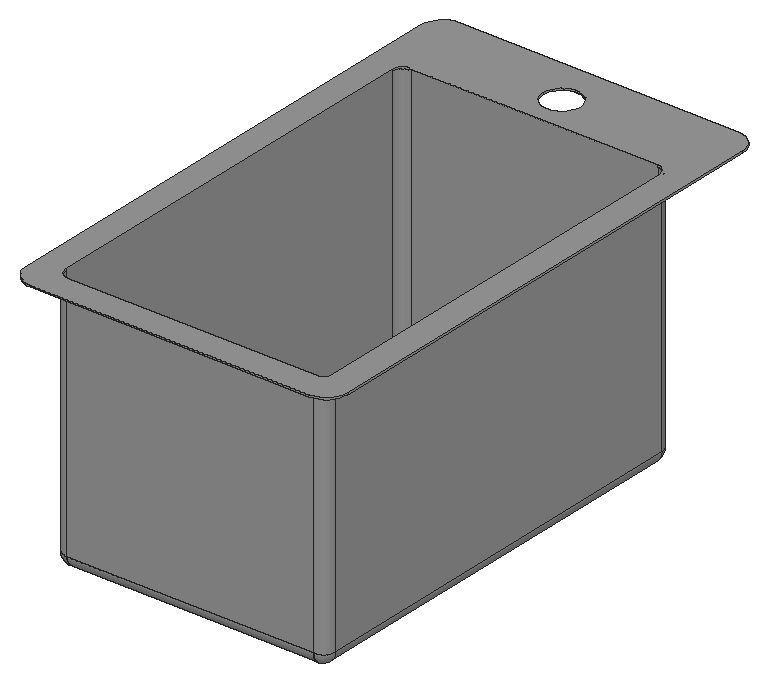
Revit family "BUILDMAT-TLAN021-Harper-300-Tap-Landing-Stainless Steel", category Plumbing Fixtures, host Face, Revit 2020
Family settings
  Host = Face
  Round Connector Dimension = Use Diameter
  Part Type = Normal
  Cut with Voids When Loaded = No
  Shared = No
  Room Calculation Point = No
Parameters (values of type "Harper 300x500x250mm")
  Width = 250.0 mm
  Undermount [instance] = 0.0 mm
  URL = "https://www.buildmat.com.au/products/harper-300-single-bowl-tap-landing-sink"
  Model = "TLAN021"  # constant formula
  Manufacturer URL = "https://www.buildmat.com.au/"
  Manufacturer = "BUILDMAT"  # constant formula
  Length = 400.0 mm
  Description = "BUILDMAT - Harper 300x500 Single Bowl with Tap Landing Sink"  # constant formula
  Depth = 250.0 mm
  Default Elevation = 1219.2 mm
  Created By URL = "https://www.buildmat.com.au/"
  Created By = "BUILDMAT"  # constant formula
  Created = "22.06.2022"  # constant formula
  Material = BUILDMAT Stainless Steel
Reference planes
  plane 1 "Center (Front/Back)": y = 0
  plane 2: z = 0
  plane 3 "Center (Left/Right)": x = 0
  plane 4 "Top Substrate": z = 0
  plane 5 "Left": x = -125
  plane 6 "Right": x = 125
  plane 7 "Back": y = 200
  plane 8 "Front": y = -200
  plane 9: x = -150
  plane 10: x = 150
  plane 11: y = -225
  plane 12: y = 275
  plane 13 "Bottom Void": z = -250
  plane 14: z = 1.5
  plane 15: x = -126.5
  plane 16: y = -201.5
  plane 17: x = 126.5
  plane 18: y = 201.5
  plane 19: z = -240
  plane 20: z = -230
  plane 21: x = -115
  plane 22: x = 115
  plane 23: y = -190
  plane 24: y = 190
  plane 25: z = -245
  plane 26: z = -241.5
  plane 27: z = -246.5
  plane 28: x = -100
  plane 29: x = 100
  plane 30 "Sound Pad": z = -130
  plane 31 "Front Bracket": y = -100
  plane 32 "Back Bracket": y = 100
  plane 33: x = -25
  plane 34: x = 25
  plane 35: x = -57
  plane 36: x = 57
  plane 37: x = -45
  plane 38: x = 45
  plane 39: y = 232
  plane 40: y = 251.5
  plane 41: x = -138.2
  plane 42: z = -15
  plane 43: x = 138.2
  plane 44: x = -136.7
  plane 45: x = 136.7
Forms (mm)
  Extrusion 1, void
    sketch origin (0, 0, 0) x (1, 0, 0) y (0, 1, 0)
      loop
        arc (-115, 200) -> (-122.071, 197.071) -> (-125, 190) r 10
        line (-125, 190) -> (-125, -190)
        arc (-125, -190) -> (-122.071, -197.071) -> (-115, -200) r 10
        line (-115, -200) -> (115, -200)
        arc (115, -200) -> (122.071, -197.071) -> (125, -190) r 10
        line (125, -190) -> (125, 190)
        arc (125, 190) -> (122.071, 197.071) -> (115, 200) r 10
        line (115, 200) -> (-115, 200)
    from 0 to 1.5
  Extrusion 2, void
    sketch origin (0, 0, 0) x (1, 0, 0) y (0, 1, 0)
      loop
        line (-126.5, 201.5) -> (-126.5, -201.5) -> (126.5, -201.5) -> (126.5, 201.5) -> (-126.5, 201.5)
    from 0 to -250
  Extrusion 3, void
    sketch origin (0, 0, 0) x (1, 0, 0) y (0, 1, 0)
      loop
        arc (-130, 275) -> (-144.142, 269.142) -> (-150, 255) r 20
        line (-150, 255) -> (-150, -205)
        arc (-150, -205) -> (-144.142, -219.142) -> (-130, -225) r 20
        line (-130, -225) -> (130, -225)
        arc (130, -225) -> (144.142, -219.142) -> (150, -205) r 20
        line (150, -205) -> (150, 255)
        arc (150, 255) -> (144.142, 269.142) -> (130, 275) r 20
        line (130, 275) -> (-130, 275)
    from 1.5 to 0
  Extrusion 4, solid, material "BUILDMAT Stainless Steel" <- "Material"
    sketch origin (0, 0, 0) x (-1, 0, 0) y (0, -1, 0)
      loop
        arc (130, -275) -> (144.142, -269.142) -> (150, -255) r 20
        line (150, -255) -> (150, 205)
        arc (150, 205) -> (144.142, 219.142) -> (130, 225) r 20
        line (130, 225) -> (-130, 225)
        arc (-130, 225) -> (-144.142, 219.142) -> (-150, 205) r 20
        line (-150, 205) -> (-150, -255)
        arc (-150, -255) -> (-144.142, -269.142) -> (-130, -275) r 20
        line (-130, -275) -> (130, -275)
      loop
        arc (115, -200) -> (122.071, -197.071) -> (125, -190) r 10
        line (125, -190) -> (125, 190)
        arc (125, 190) -> (122.071, 197.071) -> (115, 200) r 10
        line (115, 200) -> (-115, 200)
        arc (-115, 200) -> (-122.071, 197.071) -> (-125, 190) r 10
        line (-125, 190) -> (-125, -190)
        arc (-125, -190) -> (-122.071, -197.071) -> (-115, -200) r 10
        line (-115, -200) -> (115, -200)
    from 0 to 1.5
  Extrusion 5, solid, material "BUILDMAT Stainless Steel" <- "Material"
    sketch origin (0, 0, 0) x (-1, 0, 0) y (0, -1, 0)
      loop
        arc (115, -201.5) -> (123.132, -198.132) -> (126.5, -190) r 11.5
        line (126.5, -190) -> (126.5, 190)
        arc (126.5, 190) -> (123.132, 198.132) -> (115, 201.5) r 11.5
        line (115, 201.5) -> (-115, 201.5)
        arc (-115, 201.5) -> (-123.132, 198.132) -> (-126.5, 190) r 11.5
        line (-126.5, 190) -> (-126.5, -190)
        arc (-126.5, -190) -> (-123.132, -198.132) -> (-115, -201.5) r 11.5
        line (-115, -201.5) -> (115, -201.5)
      loop
        arc (-115, 200) -> (-122.071, 197.071) -> (-125, 190) r 10
        line (-125, 190) -> (-125, -190)
        arc (-125, -190) -> (-122.071, -197.071) -> (-115, -200) r 10
        line (-115, -200) -> (115, -200)
        arc (115, -200) -> (122.071, -197.071) -> (125, -190) r 10
        line (125, -190) -> (125, 190)
        arc (125, 190) -> (122.071, 197.071) -> (115, 200) r 10
        line (115, 200) -> (-115, 200)
    from 0 to -230
  Revolve 6, solid, material "BUILDMAT Stainless Steel" <- "Material"
    sketch origin (-175.162, 190, 1219.2) x (-1, 0, 0) y (0, 0, 1)
      loop
        line (-300.162, -1449.2) -> (-301.662, -1449.2)
        arc (-301.662, -1449.2) -> (-298.293, -1457.332) -> (-290.162, -1460.7) r 11.5
        line (-290.162, -1460.7) -> (-290.162, -1459.2)
        arc (-290.162, -1459.2) -> (-297.233, -1456.271) -> (-300.162, -1449.2) r 10
      axis (-290.162, -1460.7) -> (-290.162, -1449.2)
    angle from 0 to -90
  Revolve 7, solid, material "BUILDMAT Stainless Steel" <- "Material"
    sketch origin (-175.162, 190, 1219.2) x (-1, 0, 0) y (0, 0, 1)
      loop
        arc (-50.162, -1449.2) -> (-53.091, -1456.271) -> (-60.162, -1459.2) r 10
        line (-60.162, -1459.2) -> (-60.162, -1460.7)
        arc (-60.162, -1460.7) -> (-52.03, -1457.332) -> (-48.662, -1449.2) r 11.5
        line (-48.662, -1449.2) -> (-50.162, -1449.2)
      axis (-60.162, -1449.2) -> (-60.162, -1460.7)
    angle from 0 to -90
  Revolve 8, solid, material "BUILDMAT Stainless Steel" <- "Material"
    sketch origin (-175.162, -190, 1219.2) x (-1, 0, 0) y (0, 0, 1)
      loop
        arc (-50.162, -1449.2) -> (-53.091, -1456.271) -> (-60.162, -1459.2) r 10
        line (-60.162, -1459.2) -> (-60.162, -1460.7)
        arc (-60.162, -1460.7) -> (-52.03, -1457.332) -> (-48.662, -1449.2) r 11.5
        line (-48.662, -1449.2) -> (-50.162, -1449.2)
      axis (-60.162, -1449.2) -> (-60.162, -1460.7)
    angle from 0 to 90
  Revolve 9, solid, material "BUILDMAT Stainless Steel" <- "Material"
    sketch origin (-175.162, -190, 1219.2) x (-1, 0, 0) y (0, 0, 1)
      loop
        line (-300.162, -1449.2) -> (-301.662, -1449.2)
        arc (-301.662, -1449.2) -> (-298.293, -1457.332) -> (-290.162, -1460.7) r 11.5
        line (-290.162, -1460.7) -> (-290.162, -1459.2)
        arc (-290.162, -1459.2) -> (-297.233, -1456.271) -> (-300.162, -1449.2) r 10
      axis (-290.162, -1449.2) -> (-290.162, -1460.7)
    angle from 0 to 90
  Extrusion 10, solid, material "BUILDMAT Stainless Steel" <- "Material"
    sketch origin (0, 0, 0) x (1, 0, 0) y (0, 0, 1)
      loop
        line (-125, -230) -> (-126.5, -230)
        arc (-126.5, -230) -> (-123.132, -238.132) -> (-115, -241.5) r 11.5
        line (-115, -241.5) -> (-115, -240)
        arc (-115, -240) -> (-122.071, -237.071) -> (-125, -230) r 10
    from -190 to 190
  Extrusion 11, solid, material "BUILDMAT Stainless Steel" <- "Material"
    sketch origin (0, 0, 0) x (1, 0, 0) y (0, 0, 1)
      loop
        arc (125, -230) -> (122.071, -237.071) -> (115, -240) r 10
        line (115, -240) -> (115, -241.5)
        arc (115, -241.5) -> (123.132, -238.132) -> (126.5, -230) r 11.5
        line (126.5, -230) -> (125, -230)
    from -190 to 190
  Extrusion 12, solid, material "BUILDMAT Stainless Steel" <- "Material"
    sketch origin (0, 0, 0) x (0, 1, 0) y (0, 0, 1)
      loop
        arc (200, -230) -> (197.071, -237.071) -> (190, -240) r 10
        line (190, -240) -> (190, -241.5)
        arc (190, -241.5) -> (198.132, -238.132) -> (201.5, -230) r 11.5
        line (201.5, -230) -> (200, -230)
    from -115 to 115
  Extrusion 13, solid, material "BUILDMAT Stainless Steel" <- "Material"
    sketch origin (0, 0, 0) x (0, 1, 0) y (0, 0, 1)
      loop
        line (-200, -230) -> (-201.5, -230)
        arc (-201.5, -230) -> (-198.132, -238.132) -> (-190, -241.5) r 11.5
        line (-190, -241.5) -> (-190, -240)
        arc (-190, -240) -> (-197.071, -237.071) -> (-200, -230) r 10
    from -115 to 115
  Revolve 14, solid, material "BUILDMAT Stainless Steel" <- "Material"
    sketch origin (0, 0, 0) x (1, 0, 0) y (0, 0, 1)
      loop
        line (-45, -250) -> (-45, -248.5)
        spline (-45, -248.5) -> (-46.484, -248.459) -> (-47.939, -248.339) -> (-49.337, -248.141) -> (-50.649, -247.871) -> (-51.848, -247.537) -> (-52.908, -247.151) -> (-53.805, -246.726) -> (-54.514, -246.283) -> (-55.023, -245.856) -> (-55.329, -245.483) -> (-55.468, -245.202) -> (-55.5, -245)
        line (-55.5, -245) -> (-57, -245)
        spline (-57, -245) -> (-56.897, -245.653) -> (-56.591, -246.294) -> (-56.087, -246.913) -> (-55.392, -247.5) -> (-54.52, -248.044) -> (-53.485, -248.536) -> (-52.305, -248.967) -> (-51, -249.33) -> (-49.592, -249.619) -> (-48.106, -249.83) -> (-46.566, -249.957) -> (-45, -250)
      axis (0, -245) -> (0, -250)
    angle from 0 to 360
  Blend 15, solid, material "BUILDMAT Stainless Steel" <- "Material"
    base sketch origin (0, 0, 0) x (-1, 0, 0) y (0, -1, 0)
      loop
        circle (0, 0) r 57
    top sketch origin (0, 0, 0) x (-1, 0, 0) y (0, -1, 0)
      loop
        line (115, -190) -> (115, 190) -> (-115, 190) -> (-115, -190) -> (115, -190)
    from -246.5 to -241.5
  Blend 16, void
    base sketch origin (0, 0, 0) x (-1, 0, 0) y (0, -1, 0)
      loop
        circle (0, 0) r 57
    top sketch origin (0, 0, 0) x (-1, 0, 0) y (0, -1, 0)
      loop
        line (115, -190) -> (115, 190) -> (-115, 190) -> (-115, -190) -> (115, -190)
    from -245 to -240
  Extrusion 17, solid, material "BUILDMAT Stainless Steel" <- "Material"
    sketch origin (0, 0, 0) x (-1, 0, 0) y (0, -1, 0)
      loop
        line (115, -190) -> (115, 190) -> (-115, 190) -> (-115, -190) -> (115, -190)
    from -241.5 to -240
  Extrusion 18, void
    sketch origin (0, 0, 0) x (-1, 0, 0) y (0, -1, 0)
      loop
        circle (0, 0) r 57
    from -250 to -230
  Extrusion 19, void
    sketch origin (0, 0, 0) x (-1, 0, 0) y (0, -1, 0)
      loop
        circle (0, -232) r 17.5
    from 0 to 100
Cuts and joins
  Extrusion 19 cuts Extrusion 4
  Extrusion 19 cuts Extrusion 5
  joined: Extrusion 4, Extrusion 5
  joined: Revolve 6, Revolve 9
  joined: Revolve 7, Revolve 8
  Blend 16, Extrusion 18 cuts Blend 15
  Blend 16, Extrusion 18 cuts Extrusion 17
  joined: Blend 15, Extrusion 17
Lines and regions (mm)
  Masking region 1
    outline origin (0, 0, 0) x (1, 0, 0) y (0, 0, 1)
      loop
        line (125, 0) -> (-125, 0) -> (-125, -230)
        arc (-125, -230) -> (-122.071, -237.071) -> (-115, -240) r 10
        line (-115, -240) -> (-57, -245) -> (57, -245) -> (115, -240)
        arc (115, -240) -> (122.071, -237.071) -> (125, -230) r 10
        line (125, -230) -> (125, 0)
  Masking region 2
    outline origin (0, 0, 0) x (1, 0, 0) y (0, 0, 1)
      loop
        line (-100, -242.793) -> (-100, -250) -> (-57, -250) -> (-57, -246.5) -> (-100, -242.793)
  Masking region 3
    outline origin (0, 0, 0) x (1, 0, 0) y (0, 0, 1)
      loop
        line (57, -246.5) -> (57, -250) -> (100, -250) -> (100, -242.793) -> (57, -246.5)
  Masking region 4
    outline origin (0, 0, 0) x (1, 0, 0) y (0, 0, 1)
      loop
        line (-138.2, 0) -> (-138.2, -15) -> (-136.7, -15) -> (-136.7, 0) -> (-138.2, 0)
  Masking region 5
    outline origin (0, 0, 0) x (1, 0, 0) y (0, 0, 1)
      loop
        line (136.7, 0) -> (136.7, -15) -> (138.2, -15) -> (138.2, 0) -> (136.7, 0)
Text (mm)
  text "Refer to www.buildmat.com.au for the most current product literature. \nAllow a +/- 5mm tolerance for dimensions shown in the product literature. \nPlease note product details are subject to change due to ongoing product development." at (0.056, -1035.857, 0), in view "Ref. Level"
Dimensions and locks
  "Undermount": plane 2 to plane 4 "Top Substrate"
  equal spacing: plane 5 "Left", plane 3 "Center (Left/Right)", plane 6 "Right"
  "Width": plane 5 "Left" to plane 6 "Right"
  "Length": plane 7 "Back" to plane 8 "Front"
  equal spacing: plane 7 "Back", plane 1 "Center (Front/Back)", plane 8 "Front"
  locked: plane 12 to plane 7 "Back" at 75
  locked: plane 8 "Front" to plane 11 at 25
  locked: plane 9 to plane 5 "Left" at 25
  locked: plane 6 "Right" to plane 10 at 25
  "Depth": plane 4 "Top Substrate" to plane 13 "Bottom Void"
  locked: plane 14 to plane 4 "Top Substrate" at 1.5
  locked: plane 18 to plane 7 "Back" at 1.5
  locked: plane 8 "Front" to plane 16 at 1.5
  plane 15 to plane 5 "Left" = 1.5 mm
  plane 6 "Right" to plane 17 = 1.5 mm
  plane 20 to plane 19 to plane 13 "Bottom Void" = 10.0 mm, 10.0 mm
  locked: plane 5 "Left" to plane 21 at 10
  locked: plane 22 to plane 6 "Right" at 10
  locked: plane 7 "Back" to plane 24 at 10
  locked: plane 23 to plane 8 "Front" at 10
  locked: plane 19 to plane 26 at 1.5
  locked: plane 25 to plane 13 "Bottom Void" at 5
  locked: plane 25 to plane 27 at 1.5
  plane 29 to plane 3 "Center (Left/Right)" to plane 28 = 100.0 mm locked, 100.0 mm locked
  locked: plane 30 "Sound Pad" to plane 13 "Bottom Void" at 120
  locked: plane 7 "Back" to plane 32 "Back Bracket" at 100
  locked: plane 31 "Front Bracket" to plane 8 "Front" at 100
  locked: plane 33 to plane 5 "Left" at 100
  locked: plane 6 "Right" to plane 34 at 100
  plane 37 to plane 3 "Center (Left/Right)" to plane 38 = 45.0 mm locked, 45.0 mm locked
  plane 35 to plane 3 "Center (Left/Right)" to plane 36 = 57.0 mm locked, 57.0 mm locked
  locked: plane 12 to plane 39 at 43
  locked: plane 40 to plane 18 at 50
  plane 44 to plane 41 to plane 9 = 1.5 mm locked, 11.8 mm locked
  plane 10 to plane 43 to plane 45 = 11.8 mm locked, 1.5 mm locked
  locked: plane 4 "Top Substrate" to plane 42 at 15
  aligned and locked: plane 2 to host face
  aligned and locked: level to host face
  aligned and locked: plane 8 "Front" to Extrusion 1 sketch curve
  aligned and locked: Extrusion 1 sketch curve to plane 7 "Back"
  aligned and locked: plane 5 "Left" to Extrusion 1 sketch curve
  aligned and locked: Extrusion 1 sketch curve to plane 6 "Right"
  aligned and locked: plane 2 to Extrusion 1
  aligned and locked: Extrusion 1 to plane 14
  aligned and locked: plane 16 to Extrusion 2 sketch curve
  aligned and locked: Extrusion 2 sketch curve to plane 18
  aligned and locked: plane 15 to Extrusion 2 sketch curve
  aligned and locked: plane 17 to Extrusion 2 sketch curve
  aligned and locked: Extrusion 2 to plane 13 "Bottom Void"
  aligned and locked: plane 4 "Top Substrate" to Extrusion 2
  aligned and locked: plane 11 to Extrusion 3 sketch curve
  aligned and locked: plane 9 to Extrusion 3 sketch curve
  aligned and locked: Extrusion 3 sketch curve to plane 10
  aligned and locked: Extrusion 3 sketch curve to plane 12
  aligned and locked: Extrusion 3 to plane 4 "Top Substrate"
  aligned and locked: plane 14 to Extrusion 3
  aligned and locked: plane 11 to Extrusion 4 sketch curve
  aligned and locked: Extrusion 4 sketch curve to plane 12
  aligned and locked: plane 9 to Extrusion 4 sketch curve
  aligned and locked: Extrusion 4 sketch curve to plane 10
  aligned and locked: plane 5 "Left" to Extrusion 4 sketch curve
  aligned and locked: Extrusion 4 sketch curve to plane 6 "Right"
  aligned and locked: Extrusion 4 sketch curve to plane 7 "Back"
  aligned and locked: plane 8 "Front" to Extrusion 4 sketch curve
  aligned and locked: Extrusion 5 sketch curve to plane 7 "Back"
  aligned and locked: plane 5 "Left" to Extrusion 5 sketch curve
  aligned and locked: Extrusion 5 sketch curve to plane 6 "Right"
  aligned and locked: plane 8 "Front" to Extrusion 5 sketch curve
  aligned and locked: plane 15 to Extrusion 5 sketch curve
  aligned and locked: plane 16 to Extrusion 5 sketch curve
  aligned and locked: plane 17 to Extrusion 5 sketch curve
  aligned and locked: Extrusion 5 sketch curve to plane 18
  aligned and locked: Extrusion 5 to plane 20
  aligned and locked: plane 4 "Top Substrate" to Extrusion 5
  aligned and locked: Extrusion 11 to plane 23
  aligned and locked: plane 24 to Extrusion 11
  aligned and locked: plane 24 to Extrusion 10
  aligned and locked: Extrusion 10 to plane 23
  aligned and locked: Extrusion 13 to plane 21
  aligned and locked: plane 22 to Extrusion 13
  aligned and locked: plane 22 to Extrusion 12
  aligned and locked: Extrusion 12 to plane 21
  aligned and locked: plane 21 to Blend 15 sketch curve
  aligned and locked: Blend 15 sketch curve to plane 22
  aligned and locked: plane 23 to Blend 15 sketch curve
  aligned and locked: Blend 15 sketch curve to plane 24
  aligned and locked: plane 27 to Blend 15
  aligned and locked: plane 26 to Blend 15
  aligned and locked: Blend 16 sketch curve to plane 24
  aligned and locked: plane 21 to Blend 16 sketch curve
  aligned and locked: Blend 16 sketch curve to plane 22
  aligned and locked: plane 23 to Blend 16 sketch curve
  aligned and locked: Blend 16 to plane 25
  aligned and locked: plane 19 to Blend 16
  aligned and locked: Extrusion 17 sketch curve to plane 24
  aligned and locked: plane 23 to Extrusion 17 sketch curve
  aligned and locked: plane 21 to Extrusion 17 sketch curve
  aligned and locked: Extrusion 17 sketch curve to plane 22
  aligned and locked: Extrusion 17 to plane 26
  aligned and locked: plane 19 to Extrusion 17
  aligned and locked: Extrusion 18 to plane 13 "Bottom Void"
  aligned and locked: plane 20 to Extrusion 18
  aligned and locked: cut or joined group of Blend 15, Blend 16, Extrusion 17, Extrusion 18 to Masking region 2 sketch curve
  aligned and locked: Masking region 3 sketch curve to cut or joined group of Blend 15, Blend 16, Extrusion 17, Extrusion 18
  aligned and locked: plane 3 "Center (Left/Right)" to nested 1
  aligned and locked: nested 1 to plane 30 "Sound Pad"
  aligned and locked: plane 31 "Front Bracket" to nested 3
  aligned and locked: plane 15 to nested 3
  aligned and locked: nested 5 to plane 31 "Front Bracket"
  aligned and locked: plane 17 to nested 5
  aligned and locked: nested 4 to plane 32 "Back Bracket"
  aligned and locked: plane 17 to nested 4
  aligned and locked: plane 32 "Back Bracket" to nested 2
  aligned and locked: plane 15 to nested 2
  aligned and locked: nested 6 to plane 4 "Top Substrate"
  aligned and locked: nested 6 to plane 33
  aligned and locked: nested 7 to plane 4 "Top Substrate"
  aligned and locked: nested 7 to plane 34
  aligned and locked: nested 10 to plane 33
  aligned and locked: nested 11 to plane 34
  aligned and locked: plane 16 to nested 10
  aligned and locked: plane 16 to nested 11
  aligned and locked: plane 33 to nested 8
  aligned and locked: plane 34 to nested 9
  aligned and locked: plane 23 to nested 12
  aligned and locked: plane 24 to nested 12
  aligned and locked: plane 22 to nested 12
  aligned and locked: plane 21 to nested 12
  aligned and locked: plane 3 "Center (Left/Right)" to nested 13
  aligned and locked: plane 1 "Center (Front/Back)" to nested 13
  aligned and locked: plane 4 "Top Substrate" to Masking region 1
  aligned and locked: nested 9 to plane 40
  aligned and locked: nested 8 to plane 40
  aligned and locked: Extrusion 19 to plane 4 "Top Substrate"
  aligned and locked: Masking region 4 sketch curve to plane 4 "Top Substrate"
  aligned and locked: Masking region 4 sketch curve to plane 42
  aligned and locked: Masking region 4 sketch curve to plane 41
  aligned and locked: Masking region 4 sketch curve to plane 44
  aligned and locked: Masking region 5 sketch curve to plane 4 "Top Substrate"
  aligned and locked: Masking region 5 sketch curve to plane 42
  aligned and locked: Masking region 5 sketch curve to plane 43
  aligned and locked: Masking region 5 sketch curve to plane 45
Automatic sketch dimensions
  host sketch curve to host sketch curve = 2438.4 mm  (x2)
  plane 5 "Left" to Extrusion 1 sketch curve = 10.0 mm  (x2)
  Extrusion 1 sketch curve to plane 6 "Right" = 10.0 mm  (x2)
  Extrusion 4 sketch curve to plane 10 = 20.0 mm  (x2)
  Extrusion 4 sketch curve to Extrusion 4 sketch curve = 10.0 mm  (x2)
  plane 5 "Left" to Extrusion 4 sketch curve = 10.0 mm
  plane 9 to Extrusion 4 sketch curve = 20.0 mm
  plane 8 "Front" to Extrusion 4 sketch curve = 10.0 mm
  plane 11 to Extrusion 4 sketch curve = 20.0 mm
  Extrusion 3 sketch curve to plane 5 "Left" = 5.0 mm
  plane 6 "Right" to Extrusion 3 sketch curve = 5.0 mm  (x2)
  plane 7 "Back" to Extrusion 3 sketch curve = 55.0 mm
  plane 5 "Left" to Extrusion 5 sketch curve = 10.0 mm
  Extrusion 5 sketch curve to plane 6 "Right" = 10.0 mm
  plane 8 "Front" to Extrusion 5 sketch curve = 10.0 mm
  Extrusion 5 sketch curve to plane 7 "Back" = 10.0 mm
  Extrusion 5 sketch curve to Extrusion 5 sketch curve = 0.0 mm  (x4)
  Revolve 6 sketch curve to Revolve 6 sketch curve = 0.0 mm  (x3)
  plane 17 to Revolve 6 sketch curve = 0.0 mm
  Revolve 6 sketch curve to plane 6 "Right" = 0.0 mm
  Revolve 6 sketch curve to plane 22 = 0.0 mm  (x2)
  Revolve 6 sketch curve to plane 19 = 0.0 mm
  Revolve 6 sketch curve to plane 20 = 0.0 mm
  Revolve 7 sketch curve to Revolve 7 sketch curve = 0.0 mm  (x3)
  Revolve 7 sketch curve to plane 20 = 0.0 mm  (x2)
  Revolve 7 sketch curve to plane 21 = 0.0 mm  (x2)
  Revolve 7 sketch curve to plane 5 "Left" = 0.0 mm
  Revolve 7 sketch curve to plane 15 = 0.0 mm
  Revolve 8 sketch curve to Revolve 8 sketch curve = 0.0 mm  (x3)
  Revolve 8 sketch curve to plane 20 = 0.0 mm  (x2)
  Revolve 8 sketch curve to plane 21 = 0.0 mm  (x2)
  Revolve 8 sketch curve to plane 5 "Left" = 0.0 mm
  Revolve 8 sketch curve to plane 15 = 0.0 mm
  Revolve 9 sketch curve to Revolve 9 sketch curve = 0.0 mm  (x3)
  plane 17 to Revolve 9 sketch curve = 0.0 mm
  Revolve 9 sketch curve to plane 6 "Right" = 0.0 mm
  Revolve 9 sketch curve to plane 22 = 0.0 mm  (x2)
  Revolve 9 sketch curve to plane 20 = 0.0 mm
  Revolve 9 sketch curve to plane 19 = 0.0 mm
  Extrusion 10 sketch curve to plane 15 = 0.0 mm
  Extrusion 10 sketch curve to plane 5 "Left" = 0.0 mm
  Extrusion 10 sketch curve to plane 19 = 0.0 mm
  Extrusion 10 sketch curve to plane 21 = 0.0 mm
  Extrusion 11 sketch curve to plane 20 = 0.0 mm
  Extrusion 11 sketch curve to plane 22 = 0.0 mm
  Extrusion 11 sketch curve to plane 6 "Right" = 0.0 mm
  plane 17 to Extrusion 11 sketch curve = 0.0 mm
  Extrusion 12 sketch curve to plane 20 = 0.0 mm
  Extrusion 12 sketch curve to plane 24 = 0.0 mm
  Extrusion 12 sketch curve to plane 7 "Back" = 0.0 mm
  Extrusion 12 sketch curve to plane 18 = 0.0 mm
  Extrusion 13 sketch curve to plane 16 = 0.0 mm
  Extrusion 13 sketch curve to plane 8 "Front" = 0.0 mm
  Extrusion 13 sketch curve to plane 23 = 0.0 mm
  Extrusion 13 sketch curve to plane 19 = 0.0 mm
  Revolve 14 sketch curve to plane 25 = 0.0 mm
  Revolve 14 sketch curve to plane 13 "Bottom Void" = 0.0 mm  (x2)
  Revolve 14 sketch curve to plane 3 "Center (Left/Right)" = 0.0 mm
  Revolve 14 sketch curve to plane 20 = 0.0 mm
  Revolve 14 sketch curve to plane 3 "Center (Left/Right)" = 45.0 mm
  Revolve 14 sketch curve to Revolve 14 sketch curve = 10.5 mm
  Revolve 14 sketch curve to Revolve 14 sketch curve = 1.5 mm  (x2)
  Revolve 14 sketch curve to Revolve 14 sketch curve = 0.0 mm
  plane 1 "Center (Front/Back)" to Blend 15 sketch curve = 0.0 mm
  Blend 15 sketch curve to plane 3 "Center (Left/Right)" = 0.0 mm
  plane 1 "Center (Front/Back)" to Blend 16 sketch curve = 0.0 mm
  Blend 16 sketch curve to plane 3 "Center (Left/Right)" = 0.0 mm
  plane 1 "Center (Front/Back)" to Extrusion 18 sketch curve = 0.0 mm
  Extrusion 18 sketch curve to plane 3 "Center (Left/Right)" = 0.0 mm
  Masking region 1 sketch curve to level = 0.0 mm
  Masking region 1 sketch curve to plane 20 = 0.0 mm
  Masking region 1 sketch curve to plane 21 = 0.0 mm
  Masking region 1 sketch curve to plane 25 = 0.0 mm
  Masking region 1 sketch curve to plane 3 "Center (Left/Right)" = 57.0 mm
  plane 3 "Center (Left/Right)" to Masking region 1 sketch curve = 57.0 mm
  Masking region 1 sketch curve to plane 19 = 0.0 mm
  Masking region 1 sketch curve to plane 22 = 0.0 mm
  Masking region 1 sketch curve to plane 6 "Right" = 0.0 mm
  Masking region 1 sketch curve to plane 5 "Left" = 0.0 mm
  Masking region 2 sketch curve to plane 28 = 0.0 mm
  Masking region 2 sketch curve to plane 13 "Bottom Void" = 0.0 mm
  Masking region 2 sketch curve to plane 27 = 0.0 mm
  Masking region 3 sketch curve to plane 27 = 0.0 mm
  Masking region 3 sketch curve to plane 13 "Bottom Void" = 0.0 mm
  Masking region 3 sketch curve to plane 29 = 0.0 mm
  Extrusion 19 sketch curve to plane 3 "Center (Left/Right)" = 0.0 mm
  Extrusion 19 sketch curve to plane 39 = 0.0 mm
  radius of Blend 15 sketch curve = 57.0 mm
  radius of Blend 16 sketch curve = 57.0 mm
  radius of Extrusion 18 sketch curve = 57.0 mm
  radius of Extrusion 19 sketch curve = 17.5 mm
Nested families
  nested 1: "SP_Front" at (0, 0, -130) x (1, 0, 0) z (0, -1, 0), type "SP_Front", not visible
  nested 2: "TMB_Plan" at (-126.5, 100, 0) x (0, 1, 0) z (0, 0, 1), type "TMB_Plan"
  nested 3: "TMB_Plan" at (-126.5, -100, 0) x (0, 1, 0) z (0, 0, 1), type "TMB_Plan"
  nested 4: "TMB_Plan" at (126.5, 100, 0) x (0, -1, 0) z (0, 0, 1), type "TMB_Plan"
  nested 5: "TMB_Plan" at (126.5, -100, 0) x (0, -1, 0) z (0, 0, 1), type "TMB_Plan"
  nested 6: "TMB_Front" at (-25, 0, 0) x (1, 0, 0) z (0, -1, 0), type "TMB_Front"
  nested 7: "TMB_Front" at (25, 0, 0) x (1, 0, 0) z (0, -1, 0), type "TMB_Front"
  nested 8: "TMB_Plan" at (-25, 251.5, 0), type "TMB_Plan"
  nested 9: "TMB_Plan" at (25, 251.5, 0), type "TMB_Plan"
  nested 10: "TMB_Plan" at (-25, -201.5, 0) x (-1, 0, 0) z (0, 0, 1), type "TMB_Plan"
  nested 11: "TMB_Plan" at (25, -201.5, 0) x (-1, 0, 0) z (0, 0, 1), type "TMB_Plan"
  nested 12: "BOWL Plan" at (0, 0, -130), type "BOWL Plan"
    with Width 230.0 mm, Lenght 380.0 mm
  nested 13: "DRAIN" at (0, 0, 0), type "DRAIN"
Definition of nested family "SP_Front"
  Reference planes
    plane 1 "Center (Elevation)": y = 0
    plane 2: z = 0
    plane 3 "Center (Left/Right)": x = 0
  Lines and regions (mm)
    Masking region 1, in view "Ref. Level"
      outline origin (0, 0, 0) x (1, 0, 0) y (0, 1, 0)
        loop
          arc (-50, 40) -> (-57.071, 37.071) -> (-60, 30) r 10
          line (-60, 30) -> (-60, -30)
          arc (-60, -30) -> (-57.071, -37.071) -> (-50, -40) r 10
          line (-50, -40) -> (50, -40)
          arc (50, -40) -> (57.071, -37.071) -> (60, -30) r 10
          line (60, -30) -> (60, 30)
          arc (60, 30) -> (57.071, 37.071) -> (50, 40) r 10
          line (50, 40) -> (-50, 40)
    detail lines, in view "Ref. Level"
      curve 1: line (-50, 40, 0) -> (50, 40, 0)
      curve 2: line (50, -40, 0) -> (-50, -40, 0)
      curve 3: line (60, 30, 0) -> (60, -30, 0)
      curve 4: line (-60, 30, 0) -> (-60, -30, 0)
      curve 5: arc (-50, 40, 0) -> (-57.071, 37.071, 0) -> (-60, 30, 0) r 10
      curve 6: arc (-60, -30, 0) -> (-57.071, -37.071, 0) -> (-50, -40, 0) r 10
      curve 7: arc (50, -40, 0) -> (57.071, -37.071, 0) -> (60, -30, 0) r 10
      curve 8: arc (60, 30, 0) -> (57.071, 37.071, 0) -> (50, 40, 0) r 10
  Dimensions and locks
    aligned and locked: Masking region 1 sketch curve to curve 1
    aligned and locked: Masking region 1 sketch curve to curve 4
    aligned and locked: Masking region 1 sketch curve to curve 2
    aligned and locked: Masking region 1 sketch curve to curve 3
Definition of nested family "TMB_Plan"
  Reference planes
    plane 1 "Center (Front/Back)": y = 0
    plane 2: z = 0
    plane 3 "Center (Left/Right)": x = 0
  Lines and regions (mm)
    detail lines, in view "Ref. Level"
      curve 1: line (-17.5, 0, 0) -> (17.5, 0, 0)
      curve 2: line (17.5, 0, 0) -> (17.5, 5, 0)
      curve 3: line (17.5, 5, 0) -> (12.5, 5, 0)
      curve 4: line (-17.5, 0, 0) -> (-17.5, 5, 0)
      curve 5: line (-17.5, 5, 0) -> (-12.5, 5, 0)
Definition of nested family "TMB_Front"
  Reference planes
    plane 1 "Center (Elevation)": y = 0
    plane 2: z = 0
    plane 3 "Center (Left/Right)": x = 0
  Lines and regions (mm)
    Masking region 1, in view "Ref. Level"
      outline origin (0, 0, 0) x (1, 0, 0) y (0, 1, 0)
        loop
          line (-17.5, 0) -> (-17.5, -80) -> (17.5, -80) -> (17.5, 0) -> (-17.5, 0)
    detail lines, in view "Ref. Level"
      curve 1: line (-17.5, 0, 0) -> (-17.5, -80, 0)
      curve 2: line (-17.5, -80, 0) -> (17.5, -80, 0)
      curve 3: line (17.5, -80, 0) -> (17.5, 0, 0)
      curve 4: line (-12.5, -50, 0) -> (12.5, -50, 0)
      curve 5: line (-12.5, -75, 0) -> (-12.5, -50, 0)
      curve 6: line (12.5, -75, 0) -> (-12.5, -75, 0)
      curve 7: line (12.5, -50, 0) -> (12.5, -75, 0)
Definition of nested family "BOWL Plan"
  Parameters (values of type "BOWL Plan")
    Width [instance] = 600.0 mm
    Lenght [instance] = 400.0 mm
  Reference planes
    plane 1 "Center (Front/Back)": y = 0
    plane 2: z = 0
    plane 3 "Center (Left/Right)": x = 0
    plane 4 "Left": x = -300
    plane 5 "Right": x = 300
    plane 6 "Back": y = 200
    plane 7 "Front": y = -200
  Lines and regions (mm)
    Masking region 1, in view "Ref. Level"
      outline origin (0, 0, 0) x (1, 0, 0) y (0, 1, 0)
        loop
          line (-300, 200) -> (-300, -200) -> (300, -200) -> (300, 200) -> (-300, 200)
    detail lines, in view "Ref. Level"
      curve 1: line (-300, 200, 0) -> (300, -200, 0)
      curve 2: line (-300, -200, 0) -> (300, 200, 0)
  Dimensions and locks
    equal spacing: plane 6 "Back", plane 1 "Center (Front/Back)", plane 7 "Front"
    "Lenght": plane 6 "Back" to plane 7 "Front"
    equal spacing: plane 4 "Left", plane 3 "Center (Left/Right)", plane 5 "Right"
    "Width": plane 4 "Left" to plane 5 "Right"
    aligned and locked: plane 4 "Left" to Masking region 1 sketch curve
    aligned and locked: Masking region 1 sketch curve to plane 5 "Right"
    aligned and locked: plane 7 "Front" to Masking region 1 sketch curve
    aligned and locked: Masking region 1 sketch curve to plane 6 "Back"
  Automatic sketch dimensions
    curve 2 to plane 4 "Left" = 0.0 mm
    curve 1 to plane 4 "Left" = 0.0 mm
    curve 2 to plane 5 "Right" = 0.0 mm
    curve 1 to plane 5 "Right" = 0.0 mm
    curve 1 to plane 7 "Front" = 0.0 mm
    curve 2 to plane 7 "Front" = 0.0 mm
    curve 2 to plane 6 "Back" = 0.0 mm
    curve 1 to plane 6 "Back" = 0.0 mm
Definition of nested family "DRAIN"
  Reference planes
    plane 1 "Center (Front/Back)": y = 0
    plane 2: z = 0
    plane 3 "Center (Left/Right)": x = 0
  Lines and regions (mm)
    Masking region 1, in view "Ref. Level"
      outline origin (0, 0, 0) x (1, 0, 0) y (0, 1, 0)
        loop
          circle (0, 0) r 57
    detail lines, in view "Ref. Level"
      curve 1: circle (0, 0, 0) r 45 normal (0, 0, 1)
      curve 2: circle (0, 0, 0) r 55.5 normal (0, 0, 1)
